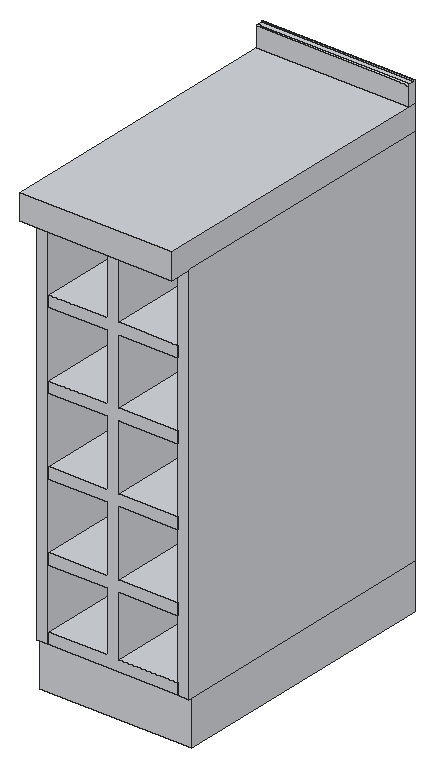
Revit family
Parameters (values of type "600 x 300 x 900mm")
  Top Material = none
  Material = none
  Handle Material = none
  Depth = 600 mm
  Height = 900 mm
  Width = 300 mm
  Assembly Code = ""
Reference planes
  plane 1 "Back": y = 0
  plane 2: z = 0
  plane 3 "Center (Left/Right)": x = 44.7
  plane 4 "Front": y = -600
  plane 5 "Left": x = -105.3
  plane 6 "Right": x = 194.7
  plane 7 "Top": z = 900
  plane 8: z = 90
  plane 9: z = 850
  plane 10: z = 698
  plane 11: z = 242
  plane 12: z = 394
  plane 13: z = 546
Forms (mm)
  Extrusion 1, solid
    sketch origin (0, 0, 0) x (1, 0, 0) y (0, 1, 0)
      loop
        line (-105.3, 0) -> (-105.3, -558) -> (-83.3, -558) -> (-83.3, -22) -> (172.7, -22) -> (172.7, -558) -> (194.7, -558) -> (194.7, 0) -> (-105.3, 0)
    from 90 to 850
  Extrusion 2, solid, material <- "Top Material"
    sketch origin (0, 0, 900) x (0, -1, 0) y (-1, 0, 0)
      loop
        line (0, 105.3) -> (0, -194.7) -> (600, -194.7) -> (600, 105.3) -> (0, 105.3)
    from 0 to 50
  Extrusion 3, solid, material <- "Material"
    sketch origin (0, 0, 900) x (0, -1, 0) y (-1, 0, 0)
      loop
        line (0.534, 105.3) -> (0.534, -194.7) -> (550.534, -194.7) -> (550.534, 105.3) -> (0.534, 105.3)
    from 810 to 900
  Sweep 4, solid, material <- "Top Material"
    path origin (0, 0, 900) x (0, -1, 0) y (1, 0, 0)
      loop
        line (0, 194.7) -> (0, -105.3)
    profile origin (44.7, 0, 0) x (0, -1, 0) y (0, 0, 1)
      loop
        line (0, 900) -> (15, 900) -> (15, 938)
        arc (15, 938) -> (14.414, 939.414) -> (13, 940) r 2
        line (13, 940) -> (1.504, 940) -> (1.504, 942.003) -> (0, 942.003) -> (0, 900)
  Extrusion 5, solid, material <- "Material"
    sketch origin (0, -600, 0) x (1, 0, 0) y (0, 0, 1)
      loop
        line (172.7, 90) -> (172.7, 112) -> (55.7, 112) -> (55.7, 231) -> (172.7, 231) -> (172.7, 253) -> (55.7, 253) -> (55.7, 383) -> (172.7, 383) -> (172.7, 405) -> (55.7, 405) -> (55.7, 535) -> (172.7, 535) -> (172.7, 557) -> (55.7, 557) -> (55.7, 687) -> (172.7, 687) -> (172.7, 709) -> (55.7, 709) -> (55.7, 850) -> (33.7, 850) -> (33.7, 709) -> (-83.3, 709) -> (-83.3, 687) -> (33.7, 687) -> (33.7, 557) -> (-83.3, 557) -> (-83.3, 535) -> (33.7, 535) -> (33.7, 405) -> (-83.3, 405) -> (-83.3, 383) -> (33.7, 383) -> (33.7, 253) -> (-83.3, 253) -> (-83.3, 231) -> (33.7, 231) -> (33.7, 112) -> (-83.3, 112) -> (-83.3, 90) -> (172.7, 90)
    from -578 to -42
Dimensions and locks
  "Width": plane 6 "Right" to plane 5 "Left"
  equal spacing: plane 6 "Right", plane 3 "Center (Left/Right)", plane 5 "Left"
  "Depth": plane 4 "Front" to plane 1 "Back"
  "Height": level to plane 7 "Top"
  locked: Extrusion 1 sketch curve to Extrusion 1 sketch curve at 22  (x3)
  locked: plane 8 to level at 90
  locked: plane 7 "Top" to plane 9 at 50
  plane 5 "Left" to plane 6 "Right" = 300 mm
  equal spacing: plane 9, plane 10, plane 13, plane 12, plane 11, plane 8
  aligned and locked: Extrusion 1 sketch curve to plane 6 "Right"
  aligned and locked: plane 1 "Back" to Extrusion 1 sketch curve
  aligned and locked: plane 5 "Left" to Extrusion 1 sketch curve
  aligned and locked: Extrusion 1 to plane 9
  aligned and locked: plane 8 to Extrusion 1
  aligned and locked: Extrusion 3 to Extrusion 1
  aligned and locked: Extrusion 3 to Extrusion 5 sketch curve
  aligned and locked: Extrusion 1 to Extrusion 5
  aligned: Extrusion 5 sketch curve to Extrusion 5 sketch curve
Automatic sketch dimensions
  Extrusion 2 sketch curve to plane 1 "Back" = 0 mm
  Extrusion 2 sketch curve to plane 4 "Front" = 0 mm
  Extrusion 2 sketch curve to plane 5 "Left" = 0 mm
  Extrusion 2 sketch curve to plane 6 "Right" = 0 mm
  plane 1 "Back" to Extrusion 3 sketch curve = 0.534 mm
  Extrusion 3 sketch curve to plane 5 "Left" = 0 mm
  Extrusion 3 sketch curve to plane 6 "Right" = 0 mm
  Extrusion 3 sketch curve to plane 4 "Front" = 49.466 mm
  Sweep 4 sketch curve to plane 1 "Back" = 0 mm
  Sweep 4 sketch curve to plane 5 "Left" = 0 mm
  Sweep 4 sketch curve to plane 6 "Right" = 0 mm
  Sweep 4 sketch curve to profile plane = 0 mm  (x2)
  Sweep 4 sketch curve to profile plane = 1.504 mm
  Sweep 4 sketch curve to Sweep 4 sketch curve = 11.496 mm
  Sweep 4 sketch curve to profile plane = 15 mm
  profile plane to Sweep 4 sketch curve = 38 mm
  Sweep 4 sketch curve to Sweep 4 sketch curve = 2.003 mm
  Extrusion 1 sketch curve to plane 4 "Front" = 42 mm  (x2)
  Extrusion 5 sketch curve to plane 9 = 0 mm
  plane 5 "Left" to Extrusion 5 sketch curve = 22 mm  (x5)
  Extrusion 5 sketch curve to plane 3 "Center (Left/Right)" = 11 mm  (x5)
  plane 3 "Center (Left/Right)" to Extrusion 5 sketch curve = 11 mm  (x5)
  Extrusion 5 sketch curve to plane 6 "Right" = 22 mm  (x5)
  Extrusion 5 sketch curve to Extrusion 5 sketch curve = 22 mm
  Extrusion 5 sketch curve to Extrusion 5 sketch curve = 0 mm
  plane 11 to Extrusion 5 sketch curve = 11 mm  (x2)
  Extrusion 5 sketch curve to plane 11 = 11 mm  (x2)
  plane 12 to Extrusion 5 sketch curve = 11 mm  (x2)
  Extrusion 5 sketch curve to plane 12 = 11 mm  (x2)
  plane 13 to Extrusion 5 sketch curve = 11 mm  (x2)
  Extrusion 5 sketch curve to plane 13 = 11 mm  (x2)
  plane 10 to Extrusion 5 sketch curve = 11 mm  (x2)
  Extrusion 5 sketch curve to plane 10 = 11 mm  (x2)
